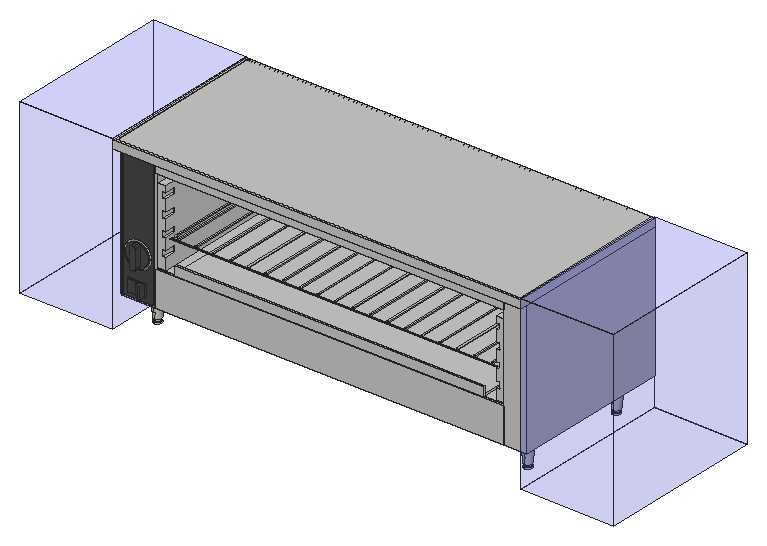
Revit family "QF_Vollrath_CM4-20835PA", category Specialty Equipment, Revit 2016
Family settings
  Part Type = Normal
  Round Connector Dimension = Use Diameter
  OmniClass Number = 23.40.40.00
  OmniClass Title = Food Service Equipment and Furnishings
  Work Plane-Based = No
  Always vertical = Yes
  Cut with Voids When Loaded = No
  Shared = No
  Room Calculation Point = No
Parameters (values of type "208/60/1")
  Width = 35 1/8"
  Weight in Pounds = 60
  Watts = 3660 W
  Watermarked By = ""
  Volts = 208 V
  URL Cutsheet = ""
  URL = "http://vollrath.com/Vollrath.htm"
  Status [instance] = ""
  Specification by User [instance] = ""
  Specification by Manufacturer [instance] = ""
  Serial Number [instance] = ""
  Revision Code [instance] = ""
  Phase = 1
  Number of Poles [instance] = 1
  NAFEM Spec ID Number [instance] = ""
  Model = "CM4-20835PA"
  Masterspec [instance] = ""
  Manufacturer = "Vollrath"
  Item Number [instance] = "-"
  Installed By [instance] = ""
  Height = 14 3/4"
  Furnished By [instance] = ""
  Foodservice Equipment Identifier = yes
  FL Amps = 17.6 A
  Electrical Remarks [instance] = ""
  Electric Connection Type = ""
  Elec Conn RI Height [instance] = 0"
  Elec Conn Connection Height = 0"
  Description = "Cheese Melter"
  Depth = 14 3/8"
  Cycle = 60 Hz
  Conn Plug = "NEMA 6-30P"
  CSI MasterFormat = ""
  Assembly Code = "E1090320"
  Apparent Power = if(Phase = 3, Volts * FL Amps * 1.73, Volts * FL Amps)  # 3660.8 VA
Reference planes (in)
  plane 1 "BACK": y = 0
  plane 2: z = 0
  plane 3 "LEFT": x = -16.56573
  plane 4 "RIGHT": x = 18.55927
  plane 5 "FRONT": y = -14.375
  plane 6 "TOP": z = 14.75
  plane 7: x = 0.99677
  plane 8: y = -6.84375
  plane 9: x = 26.55927
  plane 10: x = -24.56573
  plane 11 "Right Inner": x = 16.55927
  plane 12 "Left Inner": x = -13.44073
  plane 13 "Leg Right": x = 16.93427
  plane 14 "Leg Left": x = -14.94073
  plane 15 "Leg Back": y = -2.09375
  plane 16 "Leg Front": y = -11.59375
  plane 17 "Bottom of Box": z = 2.5
  plane 18 "Bottom of Top": z = 13.9375
  plane 19 "Front of Box": y = -13.75
  plane 20 "Oven Rack": z = 7.8125
Forms (in)
  Extrusion 1, solid, material "QF_Clearance", detail levels medium+fine
    sketch origin (0, 0, 0) x (1, 0, 0) y (0, 1, 0)
      loop
        line (-24.56573, 0) -> (-24.56573, -14.375) -> (-16.56573, -14.375) -> (-16.56573, 0) -> (-24.56573, 0)
      loop
        line (26.55927, 0) -> (18.55927, 0) -> (18.55927, -14.375) -> (26.55927, -14.375) -> (26.55927, 0)
    from 0 to 14.75
  Revolve 2, solid, material "QF_Stainless-Polished"
    sketch origin (-14.94073, 0, 0) x (0, 1, 0) y (0, 0, 1)
      loop
        line (-2.09375, 2.5) -> (-2.09375, 0) -> (-1.76906, 0) -> (-1.76906, 0.0625) -> (-1.89375, 0.0625) -> (-1.89375, 0.2) -> (-1.85375, 0.2) -> (-1.84506, 0.35204) -> (-1.76506, 0.35204) -> (-1.61375, 2.5) -> (-2.09375, 2.5)
      axis (-2.09375, 0) -> (-2.09375, 2.5)
    angle from 0 to 360
  Revolve 3, solid, material "QF_Stainless-Polished"
    sketch origin (-14.94073, 0, 0) x (0, 1, 0) y (0, 0, 1)
      loop
        line (-11.59375, 2.5) -> (-11.59375, 0) -> (-11.26906, 0) -> (-11.26906, 0.0625) -> (-11.39375, 0.0625) -> (-11.39375, 0.2) -> (-11.35375, 0.2) -> (-11.34506, 0.35204) -> (-11.26506, 0.35204) -> (-11.11375, 2.5) -> (-11.59375, 2.5)
      axis (-11.59375, 0) -> (-11.59375, 2.5)
    angle from 0 to 360
  Revolve 4, solid, material "QF_Stainless-Polished"
    sketch origin (16.93427, 0, 0) x (0, 1, 0) y (0, 0, 1)
      loop
        line (-2.09375, 2.5) -> (-2.09375, 0) -> (-1.76906, 0) -> (-1.76906, 0.0625) -> (-1.89375, 0.0625) -> (-1.89375, 0.2) -> (-1.85375, 0.2) -> (-1.84506, 0.35204) -> (-1.76506, 0.35204) -> (-1.61375, 2.5) -> (-2.09375, 2.5)
      axis (-2.09375, 0) -> (-2.09375, 2.5)
    angle from 0 to 360
  Revolve 5, solid, material "QF_Stainless-Polished"
    sketch origin (16.93427, 0, 0) x (0, 1, 0) y (0, 0, 1)
      loop
        line (-11.59375, 2.5) -> (-11.59375, 0) -> (-11.26906, 0) -> (-11.26906, 0.0625) -> (-11.39375, 0.0625) -> (-11.39375, 0.2) -> (-11.35375, 0.2) -> (-11.34506, 0.35204) -> (-11.26506, 0.35204) -> (-11.11375, 2.5) -> (-11.59375, 2.5)
      axis (-11.59375, 0) -> (-11.59375, 2.5)
    angle from 0 to 360
  Sweep 6, solid, material "QF_Stainless-Polished"
    path origin (0, 0, 14.75) x (0, 1, 0) y (-1, 0, 0)
      loop
        line (0, 16.56573) -> (-14.375, 16.56573) -> (-14.375, -18.55927) -> (0, -18.55927) -> (0, 16.56573)
    profile origin (0.99677, 0, 14.75) x (0, 1, 0) y (0, 0, 1)
      loop
        line (0, -0.125) -> (-0.125, 0) -> (-0.8125, 0) -> (-0.8125, -0.125) -> (-0.17678, -0.125) -> (-0.125, -0.17678) -> (-0.125, -0.8125) -> (0, -0.8125) -> (0, -0.125)
  Extrusion 7, solid, material "QF_Stainless-Polished"
    sketch origin (0, 0, 14.75) x (0, 1, 0) y (-1, 0, 0)
      loop
        line (-0.8125, 15.75323) -> (-13.5625, 15.75323) -> (-13.5625, -17.74677) -> (-0.8125, -17.74677) -> (-0.8125, 15.75323)
    from 0 to -0.125
  Extrusion 8, solid, material "QF_Stainless-Polished"
    sketch origin (0, 0, 13.9375) x (0, 1, 0) y (-1, 0, 0)
      loop
        line (-0.125, 16.44073) -> (-14.25, 16.44073) -> (-14.25, -18.43427) -> (-0.125, -18.43427) -> (-0.125, 16.44073)
    from 0 to 0.125
  Extrusion 9, solid, material "QF_Stainless-Polished"
    sketch origin (-16.56573, 0, 0) x (0, 1, 0) y (0, 0, 1)
      loop
        line (0, 13.9375) -> (-13.5, 13.9375) -> (-13.5, 2.5) -> (0, 2.5) -> (0, 13.9375)
      loop
        circle (-6.84375, 7.28125) r 2
    from 0 to 0.25
  Sweep 10, solid, material "QF_Stainless-Polished"
    path origin (-16.56573, 0, 0) x (0, 1, 0) y (0, 0, 1)
      loop
        circle (-6.84375, 7.28125) r 1.75
    profile origin (-16.56573, -6.84375, 9.03125) x (0, 0, -1) y (1, 0, 0)
      loop
        circle (0, 0) r 0.0625
  Sweep 11, solid, material "QF_Stainless-Polished"
    path origin (-16.56573, 0, 0) x (0, 1, 0) y (0, 0, 1)
      loop
        circle (-6.84375, 7.28125) r 1.5
    profile origin (-16.56573, -6.84375, 8.78125) x (0, 0, -1) y (1, 0, 0)
      loop
        circle (0, 0) r 0.0625
  Sweep 12, solid, material "QF_Stainless-Polished"
    path origin (-16.56573, 0, 0) x (0, 1, 0) y (0, 0, 1)
      loop
        circle (-6.84375, 7.28125) r 1.25
    profile origin (-16.56573, -6.84375, 8.53125) x (0, 0, -1) y (1, 0, 0)
      loop
        circle (0, 0) r 0.0625
  Sweep 13, solid, material "QF_Stainless-Polished"
    path origin (-16.56573, 0, 0) x (0, 1, 0) y (0, 0, 1)
      loop
        circle (-6.84375, 7.28125) r 1
    profile origin (-16.56573, -6.84375, 8.28125) x (0, 0, -1) y (1, 0, 0)
      loop
        circle (0, 0) r 0.0625
  Sweep 14, solid, material "QF_Stainless-Polished"
    path origin (-16.56573, 0, 0) x (0, 1, 0) y (0, 0, 1)
      loop
        circle (-6.84375, 7.28125) r 0.75
    profile origin (-16.56573, -6.84375, 8.03125) x (0, 0, -1) y (1, 0, 0)
      loop
        circle (0, 0) r 0.0625
  Sweep 15, solid, material "QF_Stainless-Polished"
    path origin (-16.56573, 0, 0) x (0, 1, 0) y (0, 0, 1)
      loop
        circle (-6.84375, 7.28125) r 0.5
    profile origin (-16.56573, -6.84375, 7.78125) x (0, 0, -1) y (1, 0, 0)
      loop
        circle (0, 0) r 0.0625
  Sweep 16, solid, material "QF_Stainless-Polished"
    path origin (-16.56573, 0, 0) x (0, 1, 0) y (0, 0, 1)
      loop
        circle (-6.84375, 7.28125) r 0.25
    profile origin (-16.56573, -6.84375, 7.53125) x (0, 0, -1) y (1, 0, 0)
      loop
        circle (0, 0) r 0.0625
  Sweep 17, solid, material "QF_Stainless-Polished"
    path origin (-16.56573, 0, 0) x (0, 1, 0) y (0, 0, 1)
      loop
        line (-8.12711, 8.92748) -> (-5.56039, 5.13656)
    profile origin (-16.56573, -6.84375, 7.03202) x (0, 0.828053, 0.56065) y (1, 0, 0)
      loop
        arc (-0.125, 0) -> (0, -0.125) -> (0.125, 0) r 0.125
        line (0.125, 0) -> (-0.125, 0)
  Sweep 18, solid, material "QF_Stainless-Polished"
    path origin (-16.56573, 0, 0) x (0, 1, 0) y (0, 0, 1)
      loop
        line (-5.56039, 8.94762) -> (-8.12711, 5.1567)
    profile origin (-16.56573, -6.84375, 7.05216) x (0, 0.828053, -0.56065) y (1, 0, 0)
      loop
        line (0.125, 0) -> (-0.125, 0)
        arc (-0.125, 0) -> (0, -0.125) -> (0.125, 0) r 0.125
  Extrusion 19, solid, material "QF_Stainless-Polished"
    sketch origin (18.55927, 0, 0) x (0, 1, 0) y (0, 0, 1)
      loop
        line (0, 13.9375) -> (-13.75, 13.9375) -> (-13.75, 2.5) -> (0, 2.5) -> (0, 13.9375)
    from 0 to -0.25
  Extrusion 20, solid, material "QF_Stainless-Polished"
    sketch origin (0, 0, 0) x (1, 0, 0) y (0, 0, 1)
      loop
        line (18.30927, 2.5) -> (18.30927, 13.9375) -> (-16.31573, 13.9375) -> (-16.31573, 2.5) -> (18.30927, 2.5)
    from 0 to 0.25
  Extrusion 21, solid, material "QF_Stainless-Polished"
    sketch origin (0, 0, 2.5) x (0, 1, 0) y (-1, 0, 0)
      loop
        line (-0.25, 16.31573) -> (-13.75, 16.31573) -> (-13.75, -18.30927) -> (-0.25, -18.30927) -> (-0.25, 16.31573)
    from 0 to 0.25
  Extrusion 22, solid, material "QF_Stainless-Polished"
    sketch origin (0, -13.75, 0) x (-1, 0, 0) y (0, 0, 1)
      loop
        line (-18.55927, 2.5) -> (-16.55927, 2.5) -> (-16.55927, 13.9375) -> (-18.55927, 13.9375) -> (-18.55927, 2.5)
    from 0 to 11.25
  Extrusion 23, solid, material "QF_Stainless-Polished"
    sketch origin (0, -13.75, 0) x (-1, 0, 0) y (0, 0, 1)
      loop
        line (-16.55927, 13.9375) -> (-16.55927, 12.9375) -> (13.44073, 12.9375) -> (13.44073, 13.9375) -> (-16.55927, 13.9375)
    from 0 to 0.25
  Extrusion 24, void
    sketch origin (0, -13.75, 0) x (-1, 0, 0) y (0, 0, 1)
      loop
        line (13.44073, 2.75) -> (13.44073, 2.5) -> (16.31573, 2.5) -> (16.31573, 2.75) -> (13.44073, 2.75)
    from 0 to 0.25
  Extrusion 25, solid, material "QF_Stainless-Polished"
    sketch origin (0, -13.75, 0) x (-1, 0, 0) y (0, 0, 1)
      loop
        line (13.44073, 2.5) -> (16.31573, 2.5) -> (16.31573, 13.9375) -> (13.44073, 13.9375) -> (13.44073, 2.5)
      loop
        line (16.19073, 2.75) -> (16.19073, 13.6875)
        arc (16.19073, 13.6875) -> (16.15411, 13.77589) -> (16.06573, 13.8125) r 0.125
        line (16.06573, 13.8125) -> (13.69073, 13.8125)
        arc (13.69073, 13.8125) -> (13.60234, 13.77589) -> (13.56573, 13.6875) r 0.125
        line (13.56573, 13.6875) -> (13.56573, 2.75)
        arc (13.56573, 2.75) -> (13.60234, 2.66161) -> (13.69073, 2.625) r 0.125
        line (13.69073, 2.625) -> (16.06573, 2.625)
        arc (16.06573, 2.625) -> (16.15411, 2.66161) -> (16.19073, 2.75) r 0.125
    from 0 to 0.25
  Extrusion 26, solid, material "QF_Steel-Paint Finish-Black"
    sketch origin (0, -13.75, 0) x (-1, 0, 0) y (0, 0, 1)
      loop
        arc (13.69073, 13.8125) -> (13.60234, 13.77589) -> (13.56573, 13.6875) r 0.125
        line (13.56573, 13.6875) -> (13.56573, 2.75)
        arc (13.56573, 2.75) -> (13.60234, 2.66161) -> (13.69073, 2.625) r 0.125
        line (13.69073, 2.625) -> (16.06573, 2.625)
        arc (16.06573, 2.625) -> (16.15411, 2.66161) -> (16.19073, 2.75) r 0.125
        line (16.19073, 2.75) -> (16.19073, 13.6875)
        arc (16.19073, 13.6875) -> (16.15411, 13.77589) -> (16.06573, 13.8125) r 0.125
        line (16.06573, 13.8125) -> (13.69073, 13.8125)
      loop
        circle (14.87823, 6.125) r 1
      loop
        line (15.69073, 3.125) -> (15.69073, 4.125) -> (14.19073, 4.125) -> (14.19073, 3.125) -> (15.69073, 3.125)
    from 0 to 0.25
  Extrusion 27, void
    sketch origin (0, -13.75, 0) x (-1, 0, 0) y (0, 0, 1)
      loop
        line (13.44073, 2.75) -> (-16.55927, 2.75) -> (-16.55927, 2.5) -> (13.44073, 2.5) -> (13.44073, 2.75)
    from 0 to 0.25
  Extrusion 28, solid, material "QF_Stainless-Polished"
    sketch origin (0, -13.75, 0) x (-1, 0, 0) y (0, 0, 1)
      loop
        line (13.44073, 2.5) -> (13.44073, 5.5) -> (-16.55927, 5.5) -> (-16.55927, 2.5) -> (13.44073, 2.5)
    from 0 to 0.25
  Extrusion 29, solid, material "QF_Stainless-Polished"
    sketch origin (0, -13.75, 0) x (-1, 0, 0) y (0, 0, 1)
      loop
        line (13.44073, 2.75) -> (13.69073, 2.75) -> (13.69073, 13.9375) -> (13.44073, 13.9375) -> (13.44073, 2.75)
    from 0.25 to 13.5
  Extrusion 30, solid, material "QF_Plastic-Black-Coarse"
    sketch origin (0, -13.75, 0) x (-1, 0, 0) y (0, 0, 1)
      loop
        circle (14.87823, 6.125) r 1
      loop
        line (15.69073, 4.125) -> (14.19073, 4.125) -> (14.19073, 3.125) -> (15.69073, 3.125) -> (15.69073, 4.125)
    from 0 to -0.125
  Extrusion 31, solid, material "QF_Plastic-Black-Coarse"
    sketch origin (0, -13.875, 0) x (1, 0, 0) y (0, 0, 1)
      loop
        line (-15.12823, 6.92783) -> (-15.12823, 5.32217)
        arc (-15.12823, 5.32217) -> (-15.09817, 5.24087) -> (-15.02246, 5.19866) r 0.125
        arc (-15.02246, 5.19866) -> (-14.87823, 5.1875) -> (-14.73399, 5.19866) r 0.9375
        arc (-14.73399, 5.19866) -> (-14.65828, 5.24087) -> (-14.62823, 5.32217) r 0.125
        line (-14.62823, 5.32217) -> (-14.62823, 6.92783)
        arc (-14.62823, 6.92783) -> (-14.65828, 7.00913) -> (-14.73399, 7.05134) r 0.125
        arc (-14.73399, 7.05134) -> (-14.87823, 7.0625) -> (-15.02246, 7.05134) r 0.9375
        arc (-15.02246, 7.05134) -> (-15.09817, 7.00913) -> (-15.12823, 6.92783) r 0.125
    from 0 to 0.5
  Extrusion 32, solid, material "QF_Plastic-Black-Coarse"
    sketch origin (-15.69073, -13.75, 4.125) x (1, 0, 0) y (0, 1, 0)
      loop
        line (1.4375, -0.125) -> (0.0625, -0.125) -> (0.0625, -0.22041) -> (0.70081, -0.22041)
        arc (0.70081, -0.22041) -> (0.89215, -0.25847) -> (1.05436, -0.36686) r 0.5
        line (1.05436, -0.36686) -> (1.3125, -0.625) -> (1.4375, -0.625) -> (1.4375, -0.125)
    from 0 to -1
  Extrusion 33, solid, material "QF_Stainless-Polished"
    sketch origin (0, -13.75, 0) x (-1, 0, 0) y (0, 0, 1)
      loop
        line (-16.55927, 5.5625) -> (-15.80927, 5.5625) -> (-15.80927, 12.0625) -> (-16.55927, 12.0625) -> (-16.55927, 5.5625)
      loop
        line (13.44073, 5.5625) -> (13.44073, 12.0625) -> (12.69073, 12.0625) -> (12.69073, 5.5625) -> (13.44073, 5.5625)
    from 0.25 to 13.5
  Sweep 34, solid, material "QF_Stainless-Polished"
    path origin (0, -13.75, 0) x (-1, 0, 0) y (0, 0, 1)
      loop
        circle (14.87823, 6.125) r 1
    profile origin (-14.87823, -13.75, 7.125) x (0, 0, -1) y (0, 1, 0)
      loop
        line (0, 0) -> (-0.125, 0)
        arc (-0.125, 0) -> (-0.0625, -0.0625) -> (0, 0) r 0.0625
  Extrusion 35, solid, material "QF_Stainless-Polished"
    sketch origin (0, 0, 0) x (1, 0, 0) y (0, 0, 1)
      loop
        circle (-14.94073, 4.64039) r 0.25
    from 0 to -0.25
  Extrusion 36, solid, material "QF_Stainless-Polished"
    sketch origin (0, -13.75, 0) x (-1, 0, 0) y (0, 0, 1)
      loop
        line (13.44073, 5.5) -> (-16.55927, 5.5) -> (-16.55927, 2.75) -> (13.44073, 2.75) -> (13.44073, 5.5)
    from 0.25 to 13.5
  Extrusion 37, solid, material "QF_Stainless-Polished"
    sketch origin (0, 0, 0) x (1, 0, 0) y (0, 0, 1)
      loop
        arc (10.99677, 10.96875) -> (10.85033, 11.3223) -> (10.49677, 11.46875) r 0.5
        line (10.49677, 11.46875) -> (-8.50323, 11.46875)
        arc (-8.50323, 11.46875) -> (-8.85678, 11.3223) -> (-9.00323, 10.96875) r 0.5
        line (-9.00323, 10.96875) -> (-9.00323, 6.96875)
        arc (-9.00323, 6.96875) -> (-8.85678, 6.6152) -> (-8.50323, 6.46875) r 0.5
        line (-8.50323, 6.46875) -> (10.49677, 6.46875)
        arc (10.49677, 6.46875) -> (10.85033, 6.6152) -> (10.99677, 6.96875) r 0.5
        line (10.99677, 6.96875) -> (10.99677, 10.96875)
    from 0.25 to 0.5
  Extrusion 38, void
    sketch origin (0, -13.5, 0) x (-1, 0, 0) y (0, 0, 1)
      loop
        line (12.69073, 6.5625) -> (12.94073, 6.5625) -> (12.94073, 7.0625) -> (12.69073, 7.0625) -> (12.69073, 6.5625)
      loop
        line (12.69073, 8.0625) -> (12.94073, 8.0625) -> (12.94073, 8.5625) -> (12.69073, 8.5625) -> (12.69073, 8.0625)
      loop
        line (12.69073, 9.5625) -> (12.94073, 9.5625) -> (12.94073, 10.0625) -> (12.69073, 10.0625) -> (12.69073, 9.5625)
      loop
        line (12.69073, 11.0625) -> (12.94073, 11.0625) -> (12.94073, 11.5625) -> (12.69073, 11.5625) -> (12.69073, 11.0625)
      loop
        line (-15.80927, 6.5625) -> (-15.80927, 7.0625) -> (-16.05927, 7.0625) -> (-16.05927, 6.5625) -> (-15.80927, 6.5625)
      loop
        line (-15.80927, 8.0625) -> (-15.80927, 8.5625) -> (-16.05927, 8.5625) -> (-16.05927, 8.0625) -> (-15.80927, 8.0625)
      loop
        line (-15.80927, 9.5625) -> (-15.80927, 10.0625) -> (-16.05927, 10.0625) -> (-16.05927, 9.5625) -> (-15.80927, 9.5625)
      loop
        line (-15.80927, 11.0625) -> (-15.80927, 11.5625) -> (-16.05927, 11.5625) -> (-16.05927, 11.0625) -> (-15.80927, 11.0625)
    from 0 to 1
  Extrusion 39, solid, material "QF_Stainless-Polished"
    sketch origin (0, -13.75, 0) x (-1, 0, 0) y (0, 0, 1)
      loop
        line (11.69073, 5.625) -> (11.69073, 6.375) -> (-14.80927, 6.375) -> (-14.80927, 5.625) -> (11.69073, 5.625)
    from 0 to 0.125
  Extrusion 40, solid, material "QF_Stainless-Polished"
    sketch origin (0, -13.75, 0) x (-1, 0, 0) y (0, 0, 1)
      loop
        line (11.69073, 5.625) -> (11.69073, 5.75) -> (-14.80927, 5.75) -> (-14.80927, 5.625) -> (11.69073, 5.625)
    from 0.125 to 12
  Sweep 41, solid, material "QF_Stainless-Polished"
    path origin (0, 0, 7.8125) x (0, 1, 0) y (-1, 0, 0)
      loop
        arc (-1.75, 12.5077) -> (-1.78661, 12.59609) -> (-1.875, 12.6327) r 0.125
        line (-1.875, 12.6327) -> (-12.48839, 12.6327)
        arc (-12.48839, 12.6327) -> (-12.56402, 12.65817) -> (-12.60883, 12.72421) r 0.125
        arc (-12.60883, 12.72421) -> (-12.65363, 12.79025) -> (-12.72926, 12.81573) r 0.125
        line (-12.72926, 12.81573) -> (-12.875, 12.81573)
        arc (-12.875, 12.81573) -> (-12.96339, 12.77911) -> (-13, 12.69073) r 0.125
        line (-13, 12.69073) -> (-13, -15.80927)
        arc (-13, -15.80927) -> (-12.96339, -15.89766) -> (-12.875, -15.93427) r 0.125
        line (-12.875, -15.93427) -> (-12.73839, -15.93427)
        arc (-12.73839, -15.93427) -> (-12.66277, -15.9088) -> (-12.61796, -15.84276) r 0.125
        arc (-12.61796, -15.84276) -> (-12.57316, -15.77672) -> (-12.49753, -15.75125) r 0.125
        line (-12.49753, -15.75125) -> (-1.875, -15.75125)
        arc (-1.875, -15.75125) -> (-1.78661, -15.71463) -> (-1.75, -15.62625) r 0.125
        line (-1.75, -15.62625) -> (-1.75, 12.5077)
    profile origin (1.55927, -1.75, 7.8125) x (0, 1, 0) y (0, 0, 1)
      loop
        circle (0, 0) r 0.0625
  Extrusion 42, solid, material "QF_Stainless-Polished"
    sketch origin (0, -13.75, 0) x (-1, 0, 0) y (0, 0, 1)
      loop
        circle (12.02244, 7.9375) r 0.0625
    from 0.75136 to 12
  Extrusion 43, solid, material "QF_Stainless-Polished"
    sketch origin (1.5, -13.75, 0) x (-1, 0, 0) y (0, 0, 1)
      loop
        circle (12.02244, 7.9375) r 0.0625
    from 0.75136 to 12
  Extrusion 44, solid, material "QF_Stainless-Polished"
    sketch origin (3, -13.75, 0) x (-1, 0, 0) y (0, 0, 1)
      loop
        circle (12.02244, 7.9375) r 0.0625
    from 0.75136 to 12
  Extrusion 45, solid, material "QF_Stainless-Polished"
    sketch origin (4.5, -13.75, 0) x (-1, 0, 0) y (0, 0, 1)
      loop
        circle (12.02244, 7.9375) r 0.0625
    from 0.75136 to 12
  Extrusion 46, solid, material "QF_Stainless-Polished"
    sketch origin (6, -13.75, 0) x (-1, 0, 0) y (0, 0, 1)
      loop
        circle (12.02244, 7.9375) r 0.0625
    from 0.75136 to 12
  Extrusion 47, solid, material "QF_Stainless-Polished"
    sketch origin (7.5, -13.75, 0) x (-1, 0, 0) y (0, 0, 1)
      loop
        circle (12.02244, 7.9375) r 0.0625
    from 0.75136 to 12
  Extrusion 48, solid, material "QF_Stainless-Polished"
    sketch origin (9, -13.75, 0) x (-1, 0, 0) y (0, 0, 1)
      loop
        circle (12.02244, 7.9375) r 0.0625
    from 0.75136 to 12
  Extrusion 49, solid, material "QF_Stainless-Polished"
    sketch origin (10.5, -13.75, 0) x (-1, 0, 0) y (0, 0, 1)
      loop
        circle (12.02244, 7.9375) r 0.0625
    from 0.75136 to 12
  Extrusion 50, solid, material "QF_Stainless-Polished"
    sketch origin (12, -13.75, 0) x (-1, 0, 0) y (0, 0, 1)
      loop
        circle (12.02244, 7.9375) r 0.0625
    from 0.75136 to 12
  Extrusion 51, solid, material "QF_Stainless-Polished"
    sketch origin (13.5, -13.75, 0) x (-1, 0, 0) y (0, 0, 1)
      loop
        circle (12.02244, 7.9375) r 0.0625
    from 0.75136 to 12
  Extrusion 52, solid, material "QF_Stainless-Polished"
    sketch origin (15, -13.75, 0) x (-1, 0, 0) y (0, 0, 1)
      loop
        circle (12.02244, 7.9375) r 0.0625
    from 0.75136 to 12
  Extrusion 53, solid, material "QF_Stainless-Polished"
    sketch origin (16.5, -13.75, 0) x (-1, 0, 0) y (0, 0, 1)
      loop
        circle (12.02244, 7.9375) r 0.0625
    from 0.75136 to 12
  Extrusion 54, solid, material "QF_Stainless-Polished"
    sketch origin (18, -13.75, 0) x (-1, 0, 0) y (0, 0, 1)
      loop
        circle (12.02244, 7.9375) r 0.0625
    from 0.75136 to 12
  Extrusion 55, solid, material "QF_Stainless-Polished"
    sketch origin (19.5, -13.75, 0) x (-1, 0, 0) y (0, 0, 1)
      loop
        circle (12.02244, 7.9375) r 0.0625
    from 0.75136 to 12
  Extrusion 56, solid, material "QF_Stainless-Polished"
    sketch origin (21, -13.75, 0) x (-1, 0, 0) y (0, 0, 1)
      loop
        circle (12.02244, 7.9375) r 0.0625
    from 0.75136 to 12
  Extrusion 57, solid, material "QF_Stainless-Polished"
    sketch origin (22.5, -13.75, 0) x (-1, 0, 0) y (0, 0, 1)
      loop
        circle (12.02244, 7.9375) r 0.0625
    from 0.75136 to 12
  Extrusion 58, solid, material "QF_Stainless-Polished"
    sketch origin (24, -13.75, 0) x (-1, 0, 0) y (0, 0, 1)
      loop
        circle (12.02244, 7.9375) r 0.0625
    from 0.75136 to 12
  Extrusion 59, solid, material "QF_Stainless-Polished"
    sketch origin (25.5, -13.75, 0) x (-1, 0, 0) y (0, 0, 1)
      loop
        circle (12.02244, 7.9375) r 0.0625
    from 0.75136 to 12
  Extrusion 60, solid, material "QF_Stainless-Polished"
    sketch origin (27, -13.75, 0) x (-1, 0, 0) y (0, 0, 1)
      loop
        circle (12.02244, 7.9375) r 0.0625
    from 0.75136 to 12
Cuts and joins
  joined: Sweep 6, Extrusion 7, Extrusion 8
  Extrusion 24, Extrusion 27 cuts Extrusion 9
  Extrusion 24, Extrusion 27 cuts Extrusion 19
  Extrusion 24, Extrusion 27 cuts Extrusion 20
  Extrusion 24, Extrusion 27 cuts Extrusion 21
  Extrusion 24, Extrusion 27 cuts Extrusion 22
  joined: Extrusion 9, Extrusion 19, Extrusion 20, Extrusion 21, Extrusion 22
  Extrusion 24 cuts Revolve 2
  Extrusion 24 cuts Revolve 3
  Extrusion 27 cuts Extrusion 25
  Extrusion 38 cuts Extrusion 33
Lines and regions (in)
  symbolic lines, style "QF_Clearances_Code Mandatory"
    curve 1: line (-24.56573, 0, 0) -> (-16.56573, 0, 0)
    curve 2: line (-24.56573, -14.375, 0) -> (-24.56573, 0, 0)
    curve 3: line (-16.56573, -14.375, 0) -> (-24.56573, -14.375, 0)
    curve 5: line (26.55927, 0, 0) -> (18.55927, 0, 0)
    curve 6: line (26.55927, -14.375, 0) -> (26.55927, 0, 0)
    curve 7: line (18.55927, -14.375, 0) -> (26.55927, -14.375, 0)
  symbolic lines, style "SpecialityEquipment"
    curve 4: line (-16.56573, 0, 0) -> (-16.56573, -14.375, 0)
    curve 8: line (18.55927, 0, 0) -> (18.55927, -14.375, 0)
  symbolic lines
    curve 9: line (18.55927, 0, 2.5) -> (-16.56573, 0, 2.5)
    curve 10: line (-16.56573, -14.375, 2.5) -> (18.55927, -14.375, 2.5)
  symbolic lines, style "QF_Details_Undercounter"
    curve 11: line (-16.31573, -13.75, 2.5) -> (18.55927, -13.75, 2.5)
    curve 12: line (-16.31573, -13.5, 2.5) -> (-16.31573, -13.75, 2.5)
    curve 13: line (-16.31573, -13.5, 2.5) -> (-16.56573, -13.5, 2.5)
Dimensions and locks (in)
  "Depth": plane 5 "FRONT" to plane 1 "BACK"
  "Height": plane 6 "TOP" to plane 2
  "Width": plane 4 "RIGHT" to plane 3 "LEFT"
  equal spacing: plane 3 "LEFT", plane 7, plane 4 "RIGHT"
  locked: plane 10 to plane 3 "LEFT" at 8
  locked: plane 4 "RIGHT" to plane 9 at 8
  locked: plane 3 "LEFT" to plane 14 "Leg Left" at 1.625
  locked: plane 13 "Leg Right" to plane 4 "RIGHT" at 1.625
  locked: plane 6 "TOP" to plane 18 "Bottom of Top" at 0.8125
  locked: plane 19 "Front of Box" to plane 5 "FRONT" at 0.625
  locked: Extrusion 9 sketch curve to plane 19 "Front of Box" at 0.25
  locked: plane 3 "LEFT" to plane 12 "Left Inner" at 3.125
  plane 17 "Bottom of Box" to level = 2 1/2"
  locked: plane 11 "Right Inner" to plane 4 "RIGHT" at 2
  equal spacing: plane 16 "Leg Front", plane 8, plane 15 "Leg Back"
  plane 16 "Leg Front" to plane 15 "Leg Back" = 9 1/2"
  plane 20 "Oven Rack" to plane 17 "Bottom of Box" = 5 5/16"
  equal spacing: group 1, group 2, group 3, group 4, group 5, group 6, group 7, group 8, group 9, group 10, group 11, group 12, group 13, group 14, group 15, group 16, group 17, group 18, group 19  (x3)
  plane 12 "Left Inner" to plane 11 "Right Inner" = 30"
  aligned and locked: level to plane 2
  aligned and locked: plane 1 "BACK" to Extrusion 1 sketch curve
  aligned and locked: plane 10 to Extrusion 1 sketch curve
  aligned and locked: plane 5 "FRONT" to Extrusion 1 sketch curve
  aligned and locked: Extrusion 1 sketch curve to plane 3 "LEFT"
  aligned and locked: Extrusion 1 sketch curve to plane 1 "BACK"
  aligned and locked: plane 9 to Extrusion 1 sketch curve
  aligned and locked: Extrusion 1 sketch curve to plane 5 "FRONT"
  aligned and locked: Extrusion 1 sketch curve to plane 4 "RIGHT"
  aligned and locked: curve 1 to Extrusion 1
  aligned and locked: curve 2 to Extrusion 1
  aligned and locked: curve 3 to Extrusion 1
  aligned and locked: curve 4 to Extrusion 1
  aligned and locked: curve 5 to Extrusion 1
  aligned and locked: curve 6 to Extrusion 1
  aligned and locked: curve 7 to Extrusion 1
  aligned and locked: curve 8 to Extrusion 1
  aligned and locked: plane 6 "TOP" to Extrusion 1
  aligned and locked: plane 15 "Leg Back" to Revolve 2 sketch curve
  aligned and locked: plane 16 "Leg Front" to Revolve 3 sketch curve
  aligned and locked: plane 17 "Bottom of Box" to Revolve 3 sketch curve
  aligned and locked: plane 17 "Bottom of Box" to Revolve 2 sketch curve
  aligned and locked: plane 17 "Bottom of Box" to Revolve 4 sketch curve
  aligned and locked: plane 15 "Leg Back" to Revolve 4 sketch curve
  aligned and locked: plane 17 "Bottom of Box" to Revolve 5 sketch curve
  aligned and locked: plane 16 "Leg Front" to Revolve 5 sketch curve
  aligned and locked: Sweep 6 sketch curve to Extrusion 1  (x4)
  aligned and locked: Sweep 6 sketch curve to plane 1 "BACK"
  aligned and locked: Sweep 6 sketch curve to plane 6 "TOP"
  aligned and locked: Extrusion 7 sketch curve to Sweep 6  (x4)
  aligned and locked: Extrusion 8 sketch curve to cut or joined group of Sweep 6, Extrusion 7, Extrusion 8  (x3)
  aligned and locked: Extrusion 9 sketch curve to cut or joined group of Sweep 6, Extrusion 7, Extrusion 8  (x2)
  aligned and locked: Extrusion 9 sketch curve to plane 17 "Bottom of Box"
  aligned and locked: Extrusion 19 sketch curve to cut or joined group of Sweep 6, Extrusion 7, Extrusion 8
  aligned and locked: Extrusion 19 sketch curve to Extrusion 9  (x2)
  aligned and locked: Extrusion 20 sketch curve to Extrusion 19  (x2)
  aligned and locked: Extrusion 9 to Extrusion 20 sketch curve
  aligned and locked: Extrusion 20 sketch curve to Extrusion 9
  aligned and locked: Extrusion 21 sketch curve to Extrusion 20  (x2)
  aligned and locked: Extrusion 19 to Extrusion 21 sketch curve  (x2)
  aligned and locked: Extrusion 22 sketch curve to Extrusion 19  (x2)
  aligned and locked: plane 18 "Bottom of Top" to Extrusion 22 sketch curve
  aligned and locked: Extrusion 22 sketch curve to plane 11 "Right Inner"
  aligned and locked: Extrusion 23 sketch curve to plane 11 "Right Inner"
  aligned and locked: plane 12 "Left Inner" to Extrusion 23 sketch curve
  aligned and locked: Extrusion 23 sketch curve to plane 18 "Bottom of Top"
  aligned and locked: Extrusion 24 sketch curve to cut or joined group of Extrusion 9, Extrusion 19, Extrusion 20, Extrusion 21, Extrusion 22, Extrusion 24, Extrusion 27  (x3)
  aligned and locked: Extrusion 24 sketch curve to plane 12 "Left Inner"
  aligned and locked: cut or joined group of Extrusion 9, Extrusion 19, Extrusion 20, Extrusion 21, Extrusion 22, Extrusion 24, Extrusion 27 to Extrusion 25 sketch curve  (x2)
  aligned and locked: Extrusion 25 sketch curve to cut or joined group of Extrusion 9, Extrusion 19, Extrusion 20, Extrusion 21, Extrusion 22, Extrusion 24, Extrusion 27  (x2)
  aligned and locked: Extrusion 26 sketch curve to Extrusion 25  (x4)
  aligned and locked: cut or joined group of Extrusion 9, Extrusion 19, Extrusion 20, Extrusion 21, Extrusion 22, Extrusion 24, Extrusion 27 to Extrusion 27 sketch curve
  aligned and locked: Extrusion 27 sketch curve to cut or joined group of Extrusion 9, Extrusion 19, Extrusion 20, Extrusion 21, Extrusion 22, Extrusion 24, Extrusion 27
  aligned and locked: Extrusion 27 sketch curve to plane 17 "Bottom of Box"
  aligned and locked: plane 11 "Right Inner" to Extrusion 27 sketch curve
  aligned and locked: Extrusion 28 sketch curve to plane 17 "Bottom of Box"
  aligned and locked: Extrusion 28 sketch curve to cut or joined group of Extrusion 9, Extrusion 19, Extrusion 20, Extrusion 21, Extrusion 22, Extrusion 24, Extrusion 27
  aligned and locked: plane 12 "Left Inner" to Extrusion 28 sketch curve
  aligned and locked: plane 18 "Bottom of Top" to Extrusion 29 sketch curve
  aligned and locked: cut or joined group of Extrusion 9, Extrusion 19, Extrusion 20, Extrusion 21, Extrusion 22, Extrusion 24, Extrusion 27 to Extrusion 29
  aligned and locked: Extrusion 29 to cut or joined group of Extrusion 9, Extrusion 19, Extrusion 20, Extrusion 21, Extrusion 22, Extrusion 24, Extrusion 27
  aligned and locked: cut or joined group of Extrusion 9, Extrusion 19, Extrusion 20, Extrusion 21, Extrusion 22, Extrusion 24, Extrusion 27 to Extrusion 29 sketch curve
  aligned and locked: Extrusion 30 sketch curve to Extrusion 26  (x4)
  aligned and locked: cut or joined group of Extrusion 9, Extrusion 19, Extrusion 20, Extrusion 21, Extrusion 22, Extrusion 24, Extrusion 27 to Extrusion 33
  aligned and locked: Extrusion 33 to cut or joined group of Extrusion 9, Extrusion 19, Extrusion 20, Extrusion 21, Extrusion 22, Extrusion 24, Extrusion 27
  aligned and locked: curve 9 to cut or joined group of Extrusion 9, Extrusion 19, Extrusion 20, Extrusion 21, Extrusion 22, Extrusion 24, Extrusion 27
  aligned and locked: curve 10 to cut or joined group of Sweep 6, Extrusion 7, Extrusion 8
  aligned and locked: curve 11 to Extrusion 23
  aligned and locked: curve 12 to cut or joined group of Extrusion 25, Extrusion 27
  aligned and locked: plane 11 "Right Inner" to Extrusion 33 sketch curve
  aligned and locked: Extrusion 36 sketch curve to Extrusion 28
  aligned and locked: Extrusion 28 to Extrusion 36 sketch curve
  aligned and locked: Extrusion 36 sketch curve to cut or joined group of Extrusion 9, Extrusion 19, Extrusion 20, Extrusion 21, Extrusion 22, Extrusion 24, Extrusion 27  (x2)
Automatic sketch dimensions
  profile plane to Sweep 6 sketch curve = 1/8"
  Sweep 6 sketch curve to Sweep 6 sketch curve = 0.05178"  (x4)
  Sweep 6 sketch curve to plane 6 "TOP" = 1/8"
  Sweep 6 sketch curve to Sweep 6 sketch curve = 0.63572"  (x2)
  plane 1 "BACK" to Extrusion 8 sketch curve = 1/8"
  Extrusion 9 sketch curve to plane 8 = 0"
  plane 17 "Bottom of Box" to Extrusion 9 sketch curve = 4 25/32"
  Sweep 10 sketch curve to plane 3 "LEFT" = 0"
  Sweep 10 sketch curve to profile plane = 0"
  Sweep 10 sketch curve to plane 8 = 0"
  plane 17 "Bottom of Box" to Sweep 10 sketch curve = 4 25/32"
  Sweep 11 sketch curve to plane 8 = 0"
  plane 17 "Bottom of Box" to Sweep 11 sketch curve = 4 25/32"
  Sweep 11 sketch curve to plane 3 "LEFT" = 0"
  Sweep 11 sketch curve to profile plane = 0"
  Sweep 12 sketch curve to plane 8 = 0"
  plane 17 "Bottom of Box" to Sweep 12 sketch curve = 4 25/32"
  Sweep 12 sketch curve to plane 3 "LEFT" = 0"
  Sweep 12 sketch curve to profile plane = 0"
  Sweep 13 sketch curve to plane 8 = 0"
  plane 17 "Bottom of Box" to Sweep 13 sketch curve = 4 25/32"
  Sweep 13 sketch curve to plane 3 "LEFT" = 0"
  Sweep 13 sketch curve to profile plane = 0"
  Sweep 14 sketch curve to plane 8 = 0"
  plane 17 "Bottom of Box" to Sweep 14 sketch curve = 4 25/32"
  Sweep 14 sketch curve to plane 3 "LEFT" = 0"
  Sweep 14 sketch curve to profile plane = 0"
  Sweep 15 sketch curve to plane 8 = 0"
  plane 17 "Bottom of Box" to Sweep 15 sketch curve = 4 25/32"
  Sweep 15 sketch curve to plane 3 "LEFT" = 0"
  Sweep 15 sketch curve to profile plane = 0"
  Sweep 16 sketch curve to plane 8 = 0"
  plane 17 "Bottom of Box" to Sweep 16 sketch curve = 4 25/32"
  Sweep 16 sketch curve to plane 3 "LEFT" = 0"
  Sweep 16 sketch curve to profile plane = 0"
  Sweep 17 sketch curve to plane 3 "LEFT" = 0"
  Sweep 17 sketch curve to profile plane = 0"
  profile plane to Sweep 17 sketch curve = 1/8"
  plane 8 to Sweep 18 sketch curve = 1.28336"
  plane 17 "Bottom of Box" to Sweep 18 sketch curve = 2.6567"
  Sweep 18 sketch curve to plane 8 = 1.28336"
  Sweep 18 sketch curve to plane 18 "Bottom of Top" = 4.98988"
  Sweep 18 sketch curve to plane 3 "LEFT" = 0"
  Sweep 18 sketch curve to profile plane = 0"
  Sweep 18 sketch curve to Sweep 18 sketch curve = 1/8"
  Extrusion 19 sketch curve to plane 19 "Front of Box" = 0"
  Extrusion 25 sketch curve to plane 12 "Left Inner" = 1/8"
  Extrusion 25 sketch curve to plane 18 "Bottom of Top" = 1/8"
  Extrusion 25 sketch curve to Extrusion 25 sketch curve = 1/8"  (x3)
  plane 17 "Bottom of Box" to Extrusion 25 sketch curve = 1/8"
  Extrusion 25 sketch curve to Extrusion 25 sketch curve = 1/4"  (x2)
  Extrusion 26 sketch curve to Extrusion 26 sketch curve = 1/8"  (x4)
  plane 14 "Leg Left" to Extrusion 26 sketch curve = 1/16"
  Extrusion 26 sketch curve to Extrusion 26 sketch curve = 3 3/8"
  Extrusion 26 sketch curve to plane 12 "Left Inner" = 3/4"
  Extrusion 26 sketch curve to Extrusion 26 sketch curve = 3/8"  (x2)
  Extrusion 26 sketch curve to Extrusion 26 sketch curve = 1"
  Extrusion 29 sketch curve to plane 12 "Left Inner" = 1/4"
  Extrusion 29 sketch curve to plane 12 "Left Inner" = 0"
  plane 14 "Leg Left" to Extrusion 30 sketch curve = 1/16"
  Extrusion 30 sketch curve to Extrusion 30 sketch curve = 2"
  Extrusion 31 sketch curve to Extrusion 30 = 11/16"  (x2)
  Extrusion 31 sketch curve to Extrusion 31 sketch curve = 1/4"  (x2)
  Extrusion 31 sketch curve to Extrusion 31 sketch curve = 1/8"  (x2)
  Extrusion 31 sketch curve to Extrusion 31 sketch curve = 0"  (x3)
  Extrusion 31 sketch curve to Extrusion 31 sketch curve = 0.80283"
  Extrusion 30 to Extrusion 32 sketch curve = 1/8"
  Extrusion 32 sketch curve to Extrusion 30 = 0.09541"
  Extrusion 30 to Extrusion 32 sketch curve = 1/16"  (x2)
  Extrusion 30 to Extrusion 32 sketch curve = 0.70081"
  Extrusion 32 sketch curve to Extrusion 30 = 0.24186"
  Extrusion 32 sketch curve to Extrusion 32 sketch curve = 0.35355"
  Extrusion 30 to Extrusion 32 sketch curve = 3/16"
  Extrusion 32 sketch curve to Extrusion 32 sketch curve = 0.25814"
  plane 14 "Leg Left" to Sweep 34 sketch curve = 1/16"
  plane 17 "Bottom of Box" to Sweep 34 sketch curve = 3 5/8"
  Sweep 34 sketch curve to plane 19 "Front of Box" = 0"
  Sweep 34 sketch curve to profile plane = 0"
  profile plane to Sweep 34 sketch curve = 1/16"
  Extrusion 35 sketch curve to plane 14 "Leg Left" = 0"
  plane 17 "Bottom of Box" to Extrusion 35 sketch curve = 2.14039"
  curve 13 to plane 3 "LEFT" = 0"
  curve 9 to plane 4 "RIGHT" = 0"
  curve 11 to plane 4 "RIGHT" = 0"
  curve 10 to plane 4 "RIGHT" = 0"
  curve 9 to plane 3 "LEFT" = 0"
  curve 10 to plane 3 "LEFT" = 0"
  plane 19 "Front of Box" to curve 12 = 1/4"
  Extrusion 28 sketch curve to Extrusion 28 sketch curve = 3"
  Extrusion 23 sketch curve to plane 18 "Bottom of Top" = 1"
  plane 8 to Sweep 17 sketch curve = 1.28336"
  Sweep 17 sketch curve to plane 8 = 1.28336"
  plane 17 "Bottom of Box" to Sweep 17 sketch curve = 2.63656"
  Sweep 17 sketch curve to plane 18 "Bottom of Top" = 5.01002"
  Extrusion 33 sketch curve to Extrusion 33 sketch curve = 3/4"
  plane 12 "Left Inner" to Extrusion 33 sketch curve = 3/4"
  plane 14 "Leg Left" to Extrusion 33 sketch curve = 1 1/2"
  plane 17 "Bottom of Box" to Extrusion 33 sketch curve = 3 1/16"  (x2)
  Extrusion 33 sketch curve to plane 18 "Bottom of Top" = 1 7/8"  (x2)
  plane 12 "Left Inner" to Extrusion 37 sketch curve = 4 7/16"
  Extrusion 37 sketch curve to Extrusion 37 sketch curve = 1/2"  (x3)
  Extrusion 37 sketch curve to plane 11 "Right Inner" = 6 1/16"
  Extrusion 37 sketch curve to Extrusion 37 sketch curve = 0"
  Extrusion 37 sketch curve to plane 18 "Bottom of Top" = 2 31/32"
  Extrusion 37 sketch curve to Extrusion 37 sketch curve = 4"
  Extrusion 33 to Extrusion 38 sketch curve = 0"  (x4)
  Extrusion 38 sketch curve to Extrusion 33 = 0"  (x2)
  Extrusion 38 sketch curve to Extrusion 38 sketch curve = 0"  (x2)
  Extrusion 38 sketch curve to Extrusion 38 sketch curve = 1/4"  (x8)
  Extrusion 33 to Extrusion 38 sketch curve = 1"  (x2)
  Extrusion 38 sketch curve to Extrusion 38 sketch curve = 1/2"  (x8)
  Extrusion 38 sketch curve to Extrusion 38 sketch curve = 1"  (x6)
  Extrusion 39 sketch curve to plane 11 "Right Inner" = 1 3/4"
  plane 12 "Left Inner" to Extrusion 39 sketch curve = 1 3/4"
  plane 17 "Bottom of Box" to Extrusion 39 sketch curve = 3 1/8"
  Extrusion 39 sketch curve to Extrusion 39 sketch curve = 3/4"
  plane 12 "Left Inner" to Extrusion 40 sketch curve = 1 3/4"
  plane 17 "Bottom of Box" to Extrusion 40 sketch curve = 3 1/8"
  Extrusion 40 sketch curve to Extrusion 40 sketch curve = 1/8"
  Extrusion 40 sketch curve to plane 11 "Right Inner" = 1 3/4"
  plane 19 "Front of Box" to Sweep 41 sketch curve = 3/4"
  Sweep 41 sketch curve to Sweep 41 sketch curve = 1/8"  (x7)
  Sweep 41 sketch curve to Sweep 41 sketch curve = 0.13661"
  Sweep 41 sketch curve to Sweep 41 sketch curve = 0.14574"
  Sweep 41 sketch curve to Sweep 41 sketch curve = 0.24086"  (x2)
  Sweep 41 sketch curve to plane 15 "Leg Back" = 7/32"  (x2)
  Sweep 41 sketch curve to plane 11 "Right Inner" = 5/8"
  Sweep 41 sketch curve to Sweep 41 sketch curve = 0.05803"  (x2)
  plane 12 "Left Inner" to Sweep 41 sketch curve = 0.93303"
  Sweep 41 sketch curve to plane 20 "Oven Rack" = 0"
  Sweep 41 sketch curve to profile plane = 0"
  Revolve 2 sketch curve to plane 15 "Leg Back" = 0"
  Revolve 2 sketch curve to level = 0"  (x2)
  Revolve 2 sketch curve to plane 17 "Bottom of Box" = 0"
  Revolve 2 sketch curve to Revolve 2 sketch curve = 0.32469"
  Revolve 2 sketch curve to Revolve 2 sketch curve = 0.04"
  Revolve 2 sketch curve to Revolve 2 sketch curve = 0.00869"
  Revolve 2 sketch curve to Revolve 2 sketch curve = 0.08"
  Revolve 2 sketch curve to Revolve 2 sketch curve = 0.48"
  level to Revolve 2 sketch curve = 0.2"
  Revolve 2 sketch curve to Revolve 2 sketch curve = 0.15204"
  Revolve 2 sketch curve to Revolve 2 sketch curve = 1/16"
  Revolve 2 sketch curve to Revolve 2 sketch curve = 0.12469"
  Revolve 4 sketch curve to level = 0"  (x2)
  Revolve 4 sketch curve to plane 15 "Leg Back" = 0"
  Revolve 4 sketch curve to plane 17 "Bottom of Box" = 0"
  Revolve 4 sketch curve to plane 15 "Leg Back" = 0.2"
  Revolve 4 sketch curve to Revolve 4 sketch curve = 0.04869"
  Revolve 4 sketch curve to Revolve 4 sketch curve = 0.12469"
  Revolve 4 sketch curve to Revolve 4 sketch curve = 0.08"
  Revolve 4 sketch curve to Revolve 4 sketch curve = 0.48"
  Revolve 4 sketch curve to Revolve 4 sketch curve = 1/16"
  Revolve 4 sketch curve to Revolve 4 sketch curve = 0.1375"
  Revolve 4 sketch curve to Revolve 4 sketch curve = 0.15204"
  Revolve 4 sketch curve to Revolve 4 sketch curve = 0.04"
  Revolve 3 sketch curve to level = 0"  (x2)
  Revolve 3 sketch curve to plane 16 "Leg Front" = 0"
  Revolve 3 sketch curve to plane 17 "Bottom of Box" = 0"
  Revolve 3 sketch curve to plane 16 "Leg Front" = 0.2"
  Revolve 3 sketch curve to Revolve 3 sketch curve = 0.04869"
  Revolve 3 sketch curve to Revolve 3 sketch curve = 0.12469"
  Revolve 3 sketch curve to Revolve 3 sketch curve = 0.08"
  Revolve 3 sketch curve to Revolve 3 sketch curve = 0.48"
  level to Revolve 3 sketch curve = 1/16"
  Revolve 3 sketch curve to Revolve 3 sketch curve = 0.1375"
  Revolve 3 sketch curve to Revolve 3 sketch curve = 0.15204"
  Revolve 3 sketch curve to Revolve 3 sketch curve = 0.04"
  Revolve 5 sketch curve to level = 0"  (x2)
  Revolve 5 sketch curve to plane 16 "Leg Front" = 0"
  Revolve 5 sketch curve to plane 17 "Bottom of Box" = 0"
  Revolve 5 sketch curve to plane 16 "Leg Front" = 0.2"
  Revolve 5 sketch curve to Revolve 5 sketch curve = 0.04"
  Revolve 5 sketch curve to Revolve 5 sketch curve = 0.00869"
  Revolve 5 sketch curve to Revolve 5 sketch curve = 0.12469"
  Revolve 5 sketch curve to Revolve 5 sketch curve = 0.08"
  Revolve 5 sketch curve to Revolve 5 sketch curve = 0.48"
  level to Revolve 5 sketch curve = 1/16"
  Revolve 5 sketch curve to Revolve 5 sketch curve = 0.1375"
  Revolve 5 sketch curve to Revolve 5 sketch curve = 0.15204"
  radius of Extrusion 9 sketch curve = 2"
  radius of Sweep 10 sketch curve = 1/16"
  radius of Sweep 10 sketch curve = 1 3/4"
  radius of Sweep 11 sketch curve = 1 1/2"
  radius of Sweep 11 sketch curve = 1/16"
  radius of Sweep 12 sketch curve = 1 1/4"
  radius of Sweep 12 sketch curve = 1/16"
  radius of Sweep 13 sketch curve = 1"
  radius of Sweep 13 sketch curve = 1/16"
  radius of Sweep 14 sketch curve = 3/4"
  radius of Sweep 14 sketch curve = 1/16"
  radius of Sweep 15 sketch curve = 1/2"
  radius of Sweep 15 sketch curve = 1/16"
  radius of Sweep 16 sketch curve = 1/4"
  radius of Sweep 16 sketch curve = 1/16"
  radius of Extrusion 26 sketch curve = 1"
  radius of Extrusion 30 sketch curve = 1"
  radius of Extrusion 31 sketch curve to Extrusion 30 = 1/16"  (x2)
  radius of Sweep 34 sketch curve = 1"
  radius of Extrusion 35 sketch curve = 1/4"
  radius of Sweep 41 sketch curve = 1/16"
  radius of Extrusion 42 sketch curve = 1/16"
  radius of Extrusion 43 sketch curve = 1/16"
  radius of Extrusion 44 sketch curve = 1/16"
  radius of Extrusion 45 sketch curve = 1/16"
  radius of Extrusion 46 sketch curve = 1/16"
  radius of Extrusion 47 sketch curve = 1/16"
  radius of Extrusion 48 sketch curve = 1/16"
  radius of Extrusion 49 sketch curve = 1/16"
  radius of Extrusion 50 sketch curve = 1/16"
  radius of Extrusion 51 sketch curve = 1/16"
  radius of Extrusion 52 sketch curve = 1/16"
  radius of Extrusion 53 sketch curve = 1/16"
  radius of Extrusion 54 sketch curve = 1/16"
  radius of Extrusion 55 sketch curve = 1/16"
  radius of Extrusion 56 sketch curve = 1/16"
  radius of Extrusion 57 sketch curve = 1/16"
  radius of Extrusion 58 sketch curve = 1/16"
  radius of Extrusion 59 sketch curve = 1/16"
  radius of Extrusion 60 sketch curve = 1/16"
Connectors (in)
  electrical at (-14.94073, 0.25, 4.64039), driven by "Number of Poles", driven by "Volts", driven by "Apparent Power"
    settings: on Extrusion 35, index 1, voltage 208 V, apparent load 3660.8 VA, apparent load phase1 0 VA, apparent load phase2 0 VA, apparent load phase3 0 VA, power factor 1, load classification "Other", number of poles 1, system type 30, power factor state 1, is connector primary yes, connector utility no, sub classification motor no, connector description "ELECTRICAL"
